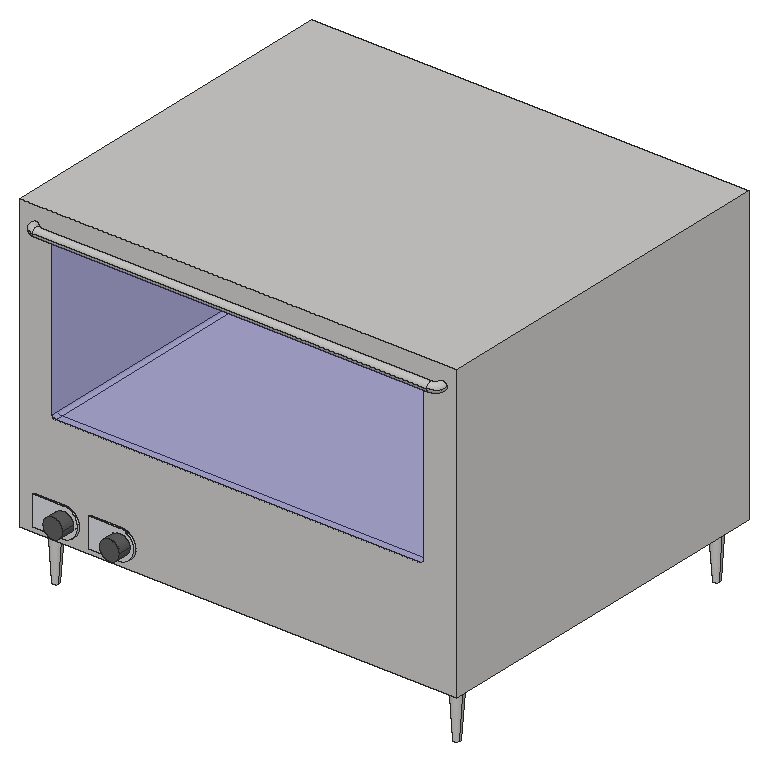
Revit family "QF_Vollrath 40702", category Specialty Equipment, Revit 2016
Family settings
  Part Type = Normal
  Round Connector Dimension = Use Diameter
  OmniClass Number = 23.40.40.14.17.11
  OmniClass Title = Cookers, Ovens, Stoves
  Work Plane-Based = No
  Always vertical = Yes
  Cut with Voids When Loaded = No
  Shared = No
  Room Calculation Point = No
Parameters (values of type "40702")
  Width = 15.80078"
  Weight in Pounds = 166
  Watts = 5600 W
  Watermarked By = "http://revitwatermark.com"
  Volts = 230 V
  URL Cutsheet = ""
  URL = "www.vollrathco.com"
  Status [instance] = ""
  Specification by User [instance] = ""
  Specification by Manufacturer = ""
  Serial Number [instance] = ""
  Seismic Rating [instance] = ""
  Revision Code [instance] = ""
  Phase = 1
  Number of Poles [instance] = 1
  NAFEM Spec ID Number [instance] = ""
  Model = "40702"
  Masterspec = ""
  Manufacturer = "Vollrath"
  Item Number [instance] = ""
  Installed By [instance] = ""
  Height AFF [instance] = 36.00"
  Furnished By [instance] = ""
  Foodservice Equipment Identifier [instance] = yes
  FL Amps = 25.5 A
  Electrical Remarks [instance] = ""
  Electric Connection Type [instance] = ""
  Elec Conn RI Height [instance] = 0.00"
  Elec Conn Connection Height = 2.00"
  Description = "Convection Oven"
  Cycle = 60 Hz
  Conn Plug = "NEMA 6-50P"
  CSI MasterFormat = "11 42 13"
  Assembly Code = "E1090320"
  Apparent Power = if(Phase = 3, Volts * FL Amps * 1.73, Volts * FL Amps)  # 5865 VA
Reference planes (in)
  plane 1: z = 0
  plane 2 "LEFT": x = 48
  plane 3 "BACK": y = -48
  plane 4 "BOTTOM": z = 36
  plane 5 "RIGHT": x = 80.9375
  plane 6 "FRONT": y = -77.75
  plane 7: z = 62.1875
  plane 8: x = 42
  plane 9: x = 86.9375
  plane 10: y = -42
  plane 11: z = 40
  plane 12: y = -70.43078
  plane 13 "Front of Box": y = -76.65665
  plane 14: y = -90.11
Forms (in)
  Extrusion 1, solid, material "QF_Finishes_Stainless Steel"
    sketch origin (0, 1.07788, 0) x (1, 0, 0) y (0, 1, 0)
      loop
        line (48, -50.25) -> (48, -77.73453) -> (80.9375, -77.73453) -> (80.9375, -50.25) -> (48, -50.25)
    from 40 to 62.1875
  Extrusion 2, solid, material "QF_Finishes_Black"
    sketch origin (0, -76.67212, 0.3125) x (-1, 0, 0) y (0, 0, 1)
      loop
        circle (-55.60015, 41.24952) r 0.75
      loop
        circle (-51.35015, 41.24952) r 0.75
    from 0.99133 to -1.07788
  Extrusion 3, solid
    sketch origin (0, -77.33231, 0.25) x (-1, 0, 0) y (0, 0, 1)
      loop
        line (-49.05247, 42.42247) -> (-51.30247, 42.42247)
        arc (-51.30247, 42.42247) -> (-52.42747, 41.29747) -> (-51.30247, 40.17247) r 1.125
        line (-51.30247, 40.17247) -> (-49.05247, 40.17247) -> (-49.05247, 42.42247)
      loop
        circle (-51.35015, 41.31202) r 0.75
      loop
        line (-53.30247, 42.42247) -> (-55.55247, 42.42247)
        arc (-55.55247, 42.42247) -> (-56.67747, 41.29747) -> (-55.55247, 40.17247) r 1.125
        line (-55.55247, 40.17247) -> (-53.30247, 40.17247) -> (-53.30247, 42.42247)
      loop
        circle (-55.60015, 41.31202) r 0.75
    from 0.54005 to 1.65152
  Extrusion 4, solid
    sketch origin (0, -48, 0.25) x (1, 0, 0) y (0, 0, 1)
      loop
        circle (51.72364, 42.13991) r 0.5
    from 0 to 1.17212
  Extrusion 5, void
    sketch origin (0, -77.75, 0) x (-1, 0, 0) y (0, 0, 1)
      loop
        arc (-78.1875, 60.26704) -> (-78.36428, 60.19381) -> (-78.4375, 60.01704) r 0.25
        line (-78.4375, 60.01704) -> (-78.4375, 48.45148)
        arc (-78.4375, 48.45148) -> (-78.36428, 48.27471) -> (-78.1875, 48.20148) r 0.25
        line (-78.1875, 48.20148) -> (-50.65591, 48.20148)
        arc (-50.65591, 48.20148) -> (-50.47913, 48.27471) -> (-50.40591, 48.45148) r 0.25
        line (-50.40591, 48.45148) -> (-50.40591, 60.01704)
        arc (-50.40591, 60.01704) -> (-50.47913, 60.19381) -> (-50.65591, 60.26704) r 0.25
        line (-50.65591, 60.26704) -> (-78.1875, 60.26704)
    from 1.09335 to 18.83889
  Extrusion 6, solid, material "QF_Finishes_Glass"
    sketch origin (0, -77.75, 0) x (-1, 0, 0) y (0, 0, 1)
      loop
        arc (-78.1875, 60.26704) -> (-78.36428, 60.19381) -> (-78.4375, 60.01704) r 0.25
        line (-78.4375, 60.01704) -> (-78.4375, 48.45148)
        arc (-78.4375, 48.45148) -> (-78.36428, 48.27471) -> (-78.1875, 48.20148) r 0.25
        line (-78.1875, 48.20148) -> (-50.65591, 48.20148)
        arc (-50.65591, 48.20148) -> (-50.47913, 48.27471) -> (-50.40591, 48.45148) r 0.25
        line (-50.40591, 48.45148) -> (-50.40591, 60.01704)
        arc (-50.40591, 60.01704) -> (-50.47913, 60.19381) -> (-50.65591, 60.26704) r 0.25
        line (-50.65591, 60.26704) -> (-78.1875, 60.26704)
    from 1.09335 to 1.60543
  Sweep 7, solid, material "QF_Finishes_Stainless Steel"
    path origin (0, 0.01547, 0) x (1, 0, 0) y (0, 1, 0)
      loop
        arc (49.15622, -76.67212) -> (49.27584, -77.05524) -> (49.64187, -77.2199) r 0.48918
        line (49.64187, -77.2199) -> (79.37607, -77.2199)
        arc (79.37607, -77.2199) -> (79.7421, -77.05524) -> (79.86172, -76.67212) r 0.48918
    profile origin (64.50897, -77.20443, 0) x (0, 1, 0) y (0, 0, 1)
      loop
        circle (0, 60.75222) r 0.32017
  Extrusion 8, solid, material "QF_Finishes_Clearances", detail levels coarse
    sketch origin (0, 0, 0) x (1, 0, 0) y (0, 1, 0)
      loop
        line (48, -77.75) -> (48, -48) -> (80.9375, -48) -> (80.9375, -77.75) -> (86.9375, -77.75) -> (86.9375, -42) -> (42, -42) -> (42, -77.75) -> (48, -77.75)
    from 36 to 62.1875
  Blend 9, solid, material "QF_Finishes_Stainless Steel"
    base sketch origin (0, 0, 0) x (1, 0, 0) y (0, 1, 0)
      loop
        circle (49.35361, -50.49108) r 0.25
    top sketch origin (0, 0, 0) x (1, 0, 0) y (0, 1, 0)
      loop
        circle (49.35361, -50.49108) r 0.5
    from 36 to 40
  Blend 10, solid, material "QF_Finishes_Stainless Steel"
    base sketch origin (30.25, 0, 0) x (1, 0, 0) y (0, 1, 0)
      loop
        circle (49.35361, -50.49108) r 0.25
    top sketch origin (30.25, 0, 0) x (1, 0, 0) y (0, 1, 0)
      loop
        circle (49.35361, -50.49108) r 0.5
    from 36 to 40
  Blend 11, solid, material "QF_Finishes_Stainless Steel"
    base sketch origin (0, -24.5, 0) x (1, 0, 0) y (0, 1, 0)
      loop
        circle (49.35361, -50.49108) r 0.25
    top sketch origin (0, -24.5, 0) x (1, 0, 0) y (0, 1, 0)
      loop
        circle (49.35361, -50.49108) r 0.5
    from 36 to 40
  Blend 12, solid, material "QF_Finishes_Stainless Steel"
    base sketch origin (30.25, -24.5, 0) x (1, 0, 0) y (0, 1, 0)
      loop
        circle (49.35361, -50.49108) r 0.25
    top sketch origin (30.25, -24.5, 0) x (1, 0, 0) y (0, 1, 0)
      loop
        circle (49.35361, -50.49108) r 0.5
    from 36 to 40
Cuts and joins
  Extrusion 5 cuts Extrusion 1
Lines and regions (in)
  model lines
    curve 1: line (48.63581, -76.65665, 61.6875) -> (80.31331, -76.65665, 61.6875)
    curve 2: line (80.31331, -71.40665, 43.52234) -> (48.63581, -71.40665, 43.52234)
    curve 28: line (80.31331, -76.65665, 43.52234) -> (80.31331, -76.65665, 60.66218)
    curve 29: line (80.31331, -76.65665, 43.52234) -> (80.31331, -76.65665, 61.5879)
    curve 30: line (80.31331, -76.65665, 43.52234) -> (80.31331, -76.65665, 61.5879)
    curve 31: line (80.31331, -76.65665, 43.52234) -> (80.31331, -76.65665, 61.5879)
    curve 32: line (80.31331, -76.65665, 43.52234) -> (48.63581, -76.65665, 43.52234)
    curve 33: line (80.31331, -76.65665, 43.52234) -> (80.31331, -76.65665, 61.6875)
    curve 34: line (48.63581, -76.65665, 43.52234) -> (48.63581, -76.65665, 61.6875)
  symbolic lines
    curve 3: line (48, -76.65665, 0) -> (48, -49.17212, 0)
    curve 4: line (48, -49.17212, 0) -> (51.22364, -49.17212, 0)
    curve 5: line (51.22364, -49.17212, 0) -> (51.22364, -48, 0)
    curve 6: line (51.22364, -48, 0) -> (52.22364, -48, 0)
    curve 7: line (52.22364, -48, 0) -> (52.22364, -49.17212, 0)
    curve 8: line (52.22364, -49.17212, 0) -> (80.9375, -49.17212, 0)
    curve 9: line (80.9375, -49.17212, 0) -> (80.9375, -76.65665, 0)
    curve 10: line (80.9375, -76.65665, 0) -> (80.31331, -76.65665, 0)
    curve 11: arc (80.31331, -76.65665, 0) -> (80.05443, -77.28165, 0) -> (79.42943, -77.54053, 0) r 0.88388
    curve 12: line (79.42943, -77.54053, 0) -> (49.50193, -77.54053, 0)
    curve 13: arc (49.50193, -77.54053, 0) -> (48.87693, -77.28165, 0) -> (48.61805, -76.65665, 0) r 0.88388
    curve 14: line (48.61805, -76.65665, 0) -> (48, -76.65665, 0)
    curve 15: line (50.1599, -77.54053, 0) -> (50.1599, -77.75, 0)
    curve 16: line (50.1599, -77.75, 0) -> (51.67265, -77.75, 0)
    curve 17: line (51.67265, -77.75, 0) -> (51.67265, -77.54053, 0)
    curve 18: line (54.92265, -77.54053, 0) -> (54.92265, -77.75, 0)
    curve 19: line (54.92265, -77.75, 0) -> (56.42265, -77.75, 0)
    curve 20: line (56.42265, -77.75, 0) -> (56.42265, -77.54053, 0)
    curve 21: line (59.17265, -77.54053, 0) -> (59.17265, -77.75, 0)
    curve 22: line (59.17265, -77.75, 0) -> (60.67265, -77.75, 0)
    curve 23: line (60.67265, -77.75, 0) -> (60.67265, -77.54053, 0)
    curve 24: arc (79.54386, -76.69501, 0) -> (79.49209, -76.82001, 0) -> (79.36709, -76.87178, 0) r 0.17678
    curve 25: line (79.36709, -76.87178, 0) -> (49.55632, -76.87178, 0)
    curve 26: arc (49.55632, -76.87178, 0) -> (49.4502, -76.80112, 0) -> (49.37954, -76.69501, 0) r 0.32412
    curve 27: line (49.47408, -76.69501, 0) -> (79.54386, -76.69501, 0)
  symbolic lines, style "QF_Clearances", detail levels coarse
    curve 35: line (48, -76.65665, 0) -> (48, -90.11, 0)
    curve 36: line (48, -90.11, 0) -> (80.9375, -90.11, 0)
    curve 37: line (80.9375, -90.11, 0) -> (80.9375, -76.65665, 0)
Dimensions and locks (in)
  plane 2 "LEFT" to plane 5 "RIGHT" = 32.9375"
  "Height AFF": plane 4 "BOTTOM" to level
  locked: plane 2 "LEFT" to plane 5 "RIGHT" at 32.9375
  locked: plane 6 "FRONT" to plane 3 "BACK" at 29.75
  plane 3 "BACK" to plane 10 = 6.00"
  plane 8 to plane 2 "LEFT" = 6.00"
  locked: plane 5 "RIGHT" to plane 9 at 6
  locked: plane 11 to plane 4 "BOTTOM" at 4
  locked: plane 7 to Sweep 7 sketch curve at 1.43528
  locked: plane 7 to plane 11 at 22.1875
  aligned and locked: level to plane 1
  aligned and locked: plane 7 to Extrusion 1
  aligned: Extrusion 1 to plane 4 "BOTTOM"
  aligned and locked: Extrusion 1 to plane 11
  aligned and locked: plane 7 to Extrusion 8
  aligned and locked: Extrusion 8 to plane 4 "BOTTOM"
  aligned and locked: Blend 11 to plane 4 "BOTTOM"
  aligned and locked: Blend 11 to cut or joined group of Extrusion 1, Extrusion 5
  aligned and locked: Blend 12 to cut or joined group of Extrusion 1, Extrusion 5
  aligned and locked: Blend 12 to plane 4 "BOTTOM"
  aligned and locked: Blend 10 to plane 4 "BOTTOM"
  aligned and locked: Blend 10 to cut or joined group of Extrusion 1, Extrusion 5
  aligned and locked: Blend 9 to plane 4 "BOTTOM"
  aligned and locked: Blend 9 to cut or joined group of Extrusion 1, Extrusion 5
Automatic sketch dimensions
  Extrusion 1 sketch curve to plane 2 "LEFT" = 0.00"
  Extrusion 1 sketch curve to plane 5 "RIGHT" = 0.00"
  plane 13 "Front of Box" to Extrusion 1 sketch curve = 0.00"
  plane 3 "BACK" to Extrusion 1 sketch curve = 1.17212"
  plane 11 to Extrusion 2 sketch curve = 1.56202"  (x2)
  plane 2 "LEFT" to Extrusion 2 sketch curve = 7.60015"
  plane 2 "LEFT" to Extrusion 2 sketch curve = 3.35015"
  Extrusion 3 sketch curve to Extrusion 3 sketch curve = 0.00"  (x4)
  plane 11 to Extrusion 3 sketch curve = 1.56202"
  plane 2 "LEFT" to Extrusion 3 sketch curve = 8.35015"
  Extrusion 3 sketch curve to Extrusion 3 sketch curve = 0.75"  (x2)
  Extrusion 3 sketch curve to Extrusion 3 sketch curve = 0.04769"  (x2)
  Extrusion 3 sketch curve to Extrusion 3 sketch curve = 1.54769"
  Extrusion 3 sketch curve to Extrusion 3 sketch curve = 1.20231"
  plane 11 to Extrusion 3 sketch curve = 0.42247"  (x2)
  plane 2 "LEFT" to Extrusion 3 sketch curve = 1.05247"
  Extrusion 3 sketch curve to Extrusion 3 sketch curve = 1.125"
  Extrusion 3 sketch curve to Extrusion 3 sketch curve = 0.01454"  (x2)
  plane 2 "LEFT" to Extrusion 4 sketch curve = 3.72364"
  plane 11 to Extrusion 4 sketch curve = 2.38991"
  Extrusion 5 sketch curve to plane 5 "RIGHT" = 2.50"
  Extrusion 5 sketch curve to Extrusion 5 sketch curve = 0.25"  (x3)
  plane 2 "LEFT" to Extrusion 5 sketch curve = 2.65591"  (x2)
  plane 11 to Extrusion 5 sketch curve = 8.20148"
  Extrusion 5 sketch curve to plane 7 = 2.17046"
  Extrusion 6 sketch curve to plane 5 "RIGHT" = 2.50"
  Extrusion 6 sketch curve to Extrusion 6 sketch curve = 0.25"  (x3)
  plane 2 "LEFT" to Extrusion 6 sketch curve = 2.65591"  (x2)
  plane 11 to Extrusion 6 sketch curve = 8.20148"
  Extrusion 6 sketch curve to plane 7 = 2.17046"
  curve 2 to plane 5 "RIGHT" = 0.62419"
  plane 2 "LEFT" to curve 2 = 0.63581"
  plane 11 to curve 2 = 3.52234"
  plane 13 "Front of Box" to Sweep 7 sketch curve = 0.00"  (x2)
  plane 2 "LEFT" to Sweep 7 sketch curve = 1.15622"
  plane 13 "Front of Box" to Sweep 7 sketch curve = 0.05861"
  Sweep 7 sketch curve to Sweep 7 sketch curve = 0.48565"  (x2)
  Sweep 7 sketch curve to plane 5 "RIGHT" = 1.56143"
  Sweep 7 sketch curve to profile plane = 0.00"
  Extrusion 8 sketch curve to plane 6 "FRONT" = 0.00"  (x2)
  Extrusion 8 sketch curve to plane 8 = 0.00"
  Extrusion 8 sketch curve to plane 2 "LEFT" = 0.00"
  Extrusion 8 sketch curve to plane 5 "RIGHT" = 0.00"
  Extrusion 8 sketch curve to plane 9 = 0.00"
  plane 3 "BACK" to Extrusion 8 sketch curve = 0.00"
  plane 10 to Extrusion 8 sketch curve = 0.00"
  curve 28 to plane 5 "RIGHT" = 0.62419"
  plane 2 "LEFT" to curve 34 = 0.63581"
  plane 11 to curve 28 = 3.52234"
  curve 28 to plane 7 = 1.52532"
  curve 29 to plane 7 = 0.5996"
  curve 30 to curve 29 = 0.00"
  curve 31 to curve 29 = 0.00"
  curve 34 to plane 7 = 0.50"
  curve 29 to curve 33 = 0.0996"
  curve 1 to plane 7 = 0.50"
  plane 2 "LEFT" to curve 1 = 0.63581"
  curve 1 to plane 5 "RIGHT" = 0.62419"
  plane 2 "LEFT" to Blend 9 sketch curve = 1.35361"  (x2)
  plane 3 "BACK" to Blend 9 sketch curve = 2.49108"  (x2)
  Blend 10 sketch curve to plane 5 "RIGHT" = 1.33389"  (x2)
  plane 3 "BACK" to Blend 10 sketch curve = 2.49108"  (x2)
  plane 2 "LEFT" to Blend 11 sketch curve = 1.35361"  (x2)
  Blend 11 sketch curve to plane 13 "Front of Box" = 1.66557"  (x2)
  Blend 12 sketch curve to plane 5 "RIGHT" = 1.33389"  (x2)
  Blend 12 sketch curve to plane 13 "Front of Box" = 1.66557"  (x2)
  curve 3 to plane 2 "LEFT" = 0.00"
  plane 13 "Front of Box" to curve 13 = 0.00"
  curve 16 to plane 6 "FRONT" = 0.00"
  plane 3 "BACK" to curve 6 = 0.00"
  curve 19 to plane 6 "FRONT" = 0.00"
  curve 22 to plane 6 "FRONT" = 0.00"
  curve 9 to plane 5 "RIGHT" = 0.00"
  curve 37 to plane 14 = 0.00"
  plane 13 "Front of Box" to curve 37 = 0.00"
  plane 2 "LEFT" to curve 13 = 0.61805"
  plane 13 "Front of Box" to curve 26 = 0.03836"
  curve 13 to curve 26 = 0.7615"
  plane 13 "Front of Box" to curve 27 = 0.03836"
  curve 26 to curve 27 = 0.09453"
  plane 6 "FRONT" to curve 13 = 0.20947"
  curve 27 to curve 26 = 0.08224"
  curve 26 to plane 13 "Front of Box" = 0.08471"
  curve 13 to curve 26 = 0.17746"
  curve 13 to curve 16 = 0.65797"
  plane 3 "BACK" to curve 4 = 1.17212"
  plane 2 "LEFT" to curve 4 = 3.22364"
  curve 15 to curve 17 = 1.51275"
  curve 4 to curve 7 = 1.00"
  curve 16 to curve 19 = 3.25"
  curve 18 to curve 19 = 1.50"
  curve 19 to curve 22 = 2.75"
  curve 21 to curve 22 = 1.50"
  curve 25 to plane 5 "RIGHT" = 1.57041"
  curve 25 to curve 12 = 0.06235"
  curve 4 to curve 8 = 0.00"
  radius of Extrusion 2 sketch curve = 0.75"  (x2)
  radius of Extrusion 4 sketch curve = 0.50"
  radius of Sweep 7 sketch curve = 0.32017"
  radius of Blend 9 sketch curve = 0.25"
  radius of Blend 9 sketch curve = 0.50"
  radius of Blend 10 sketch curve = 0.25"
  radius of Blend 10 sketch curve = 0.50"
  radius of Blend 11 sketch curve = 0.25"
  radius of Blend 11 sketch curve = 0.50"
  radius of Blend 12 sketch curve = 0.25"
  radius of Blend 12 sketch curve = 0.50"
Connectors (in)
  electrical at (51.72364, -48, 42.38991), driven by "Number of Poles", driven by "Volts", driven by "Apparent Power"
    settings: on Extrusion 4, index 1, voltage 230 V, apparent load 5865 VA, apparent load phase1 0 VA, apparent load phase2 0 VA, apparent load phase3 0 VA, power factor 1, load classification "Other", number of poles 1, system type 30, power factor state 1, is connector primary yes, connector utility no, sub classification motor no, connector description "Electric Connection"
